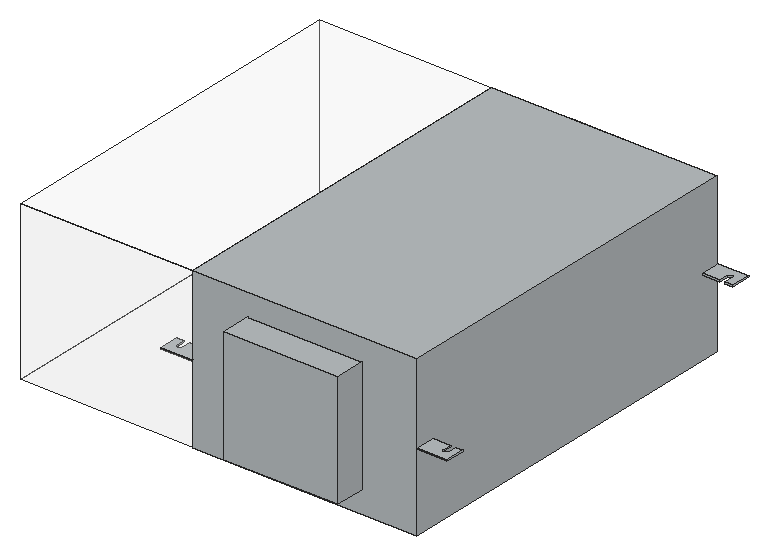
Revit family "bfs-300_1000tua2(-60)_tu2_60Hz", category 機械設備, Revit 2019
Family settings
  丸型コネクタ寸法 = 直径を使用
  パーツ タイプ = 割り込み
  OmniClass 番号 = 23.75.35.17.27
  OmniClass タイトル = Centrifugal Fans
  作業面ベース = いいえ
  常に垂直 = はい
  ロード時にボイドで切り取り = いいえ
  共有 = いいえ
  部屋計算ポイント = はい
Parameters (values of type "BFS-300TUA2-60")
  騒音レベル(dB(A))_吸込 = 50
  騒音レベル(dB(A))_吐出 = 73
  騒音レベル(dB(A))_側面 = 44
  騒音レベル(dB(A)) = 73
  風量 [instance] = 設計風量  # 0.0 m³/h
  電源種別 [instance] = "一般"
  電圧 = 200 V
  電動機出力 = 1500 W
  電動機_種別 [instance] = ""
  運転質量 = 0.00 kg
  連動 [instance] = ""
  質量 = if(製品質量 > 運転質量, 製品質量, 運転質量) * 1.2  # 52.80 kg
  負荷分類 = 3_ファン類
  説明 = "ストレートシロッコファン天吊埋込タイプ（消音形）"
  設計風量 [instance] = 0.0 m³/h
  設置方法 = "天吊"
  記号 [instance] = ""
  製造元 = "三菱電機株式会社"
  製品質量 = 44.00 kg
  製品出荷対象 = "国内"
  製品リリース年月 = "2022年6月1日"
  製品グループ = ""
  系統 [instance] = ""
  符号 [instance] = if(☑給気／□排気, "FS", "FE")  # "FE"
  積算_科目 = "2 換気設備"
  積算_拾い区分 [instance] = ""
  相 = 3
  盤記号 [instance] = ""
  盤工事区分 = "電気工事"
  発停方法 [instance] = "別売スイッチ"
  番手 = "#2"
  特殊仕様 [instance] = ""
  点検口位置 = 80 mm
  火災停止 = ""
  消費電力 = 1270 W
  法定耐用年数 = "15"
  機外静圧 [instance] = 0.0 Pa
  極数 = 3
  極 = 4
  材質 [instance] = ""
  本体マテリアル = 溶融亜鉛めっき鋼板
  操作・制御方式 = ""
  操作・制御スイッチ = ""
  排気量 [instance] = if(☑給気／□排気, 0.0 m³/h, 設計風量)  # 0.0 m³/h
  形式 = ""
  形名 = BFS-TUA : BFS-300TUA
  幹線記号 [instance] = ""
  対象室 [instance] = ""
  実風量 = 0.0 m³/h
  始動方式 [instance] = "直入"
  外気量 [instance] = if(☑給気／□排気, 設計風量, 0.0 m³/h)  # 0.0 m³/h
  呼称 = "消音ボックス付送風機"
  周波数 = 60 Hz
  天吊金具ピッチ幅 = 695 mm
  天吊金具ピッチ奥行 = 924 mm
  参照している仕様書等のバージョン = ""
  分類コード = "50052502100020"
  分類グループ = ""
  価格 = 320000
  企業コード = "108420"
  付属品_防振装置 = ""
  付属品 [instance] = ""
  仕様書バージョン = "Version1.0"
  モデル = "BFS-300TUA2-60"
  ファンの種類 = "多翼形"
  ダクト高 = 300 mm
  ダクト幅 = 300 mm
  サービススペース = yes
  コメント [instance] = ""
  Keynote = ""
  ☑給気／□排気 [instance] = no
  Width = 586 mm
  Version = ""
  Uniclass2015Version = "Systems v1.9"
  Uniclass2015Title = "Centrifugal fans"
  Uniclass2015Code = "Pr_65_67_29_12"
  URL = "https://www.mitsubishielectric.co.jp/ldg/wink/ssl/displayProduct.do?pid=319094"
  SpecificationReference = ""
  SpecificationDescription = ""
  Revision = ""
  ProductInformation = ""
  OmniClassCode = "23-33 31 19 13 15"
  MIN風量 = 0.0 m³/h
  MIN静圧 = 0.0 Pa
  MID風量 = 0.0 m³/h
  MID静圧 = 0.0 Pa
  MAX風量 = 3000.0 m³/h
  MAX静圧 = 460.0 Pa
  M = 79 mm
  IfcTypeProduct = ""
  IfcProduct = ""
  IfcExportType = "CENTRIFUGALFORWARDCURVED"
  IfcExportAs = "IfcFanType"
  Height = 413 mm
  Depth = 977 mm
  Clearance Top = 0 mm  # constant formula
  Clearance Right = 0 mm  # constant formula
  Clearance Left = 450 mm  # constant formula
  Clearance Front = 0 mm  # constant formula
  Clearance Bottom = 0 mm  # constant formula
  Clearance Back = 0 mm  # constant formula
  Author = "三菱電機株式会社"
Types (5, lengths in mm): name | 騒音レベル(dB(A))_吸込 | 騒音レベル(dB(A))_吐出 | 騒音レベル(dB(A))_側面 | 騒音レベル(dB(A)) | 電動機出力 | 質量 | 製品質量 | 番手 | 点検口位置 | 消費電力 | 形名 | 天吊金具ピッチ幅 | 天吊金具ピッチ奥行 | 参照している仕様書等のバージョン | 価格 | モデル | ダクト高 | ダクト幅 | Width | URL | MAX風量 | MAX静圧 | M | Height | Depth
  BFS-300TUA2-60 | 50 | 73 | 44 | 73 | 1500 W | 52.80 kg | 44.00 kg | "#2" | 80 | 1270 W | BFS-TUA : BFS-300TUA | 695 | 924 | "" | 320000 | "BFS-300TUA2-60" | 300 | 300 | 586 | "https://www.mitsubishielectric.co.jp/ldg/wink/ssl/displayProduct.do?pid=319094" | 3000.0 m³/h | 460.0 Pa | 79 | 413 | 977
  BFS-450TUA2 | 53.5 | 73 | 43 | 73 | 2200 W | 93.60 kg | 78.00 kg | "#1 1/2×2" | 282.5 | 1500 W | BFS-TUA : BFS-450TUA | 989 | 962 | "公共建築工事標準仕様書（機械設備工事編）平成31年度版" | 516000 | "BFS-450TUA2" | 250 | 700 | 884 | "https://www.mitsubishielectric.co.jp/ldg/wink/ssl/displayProduct.do?pid=319107" | 4500.0 m³/h | 380.0 Pa | 79 | 373 | 1010
  BFS-550TUA2-60 | 56 | 73 | 48 | 73 | 3000 W | 108.00 kg | 90.00 kg | "#2×2" | 282 | 2390 W | BFS-TUA : BFS-550TUA | 1124 | 1033 | "" | 574000 | "BFS-550TUA2-60" | 300 | 750 | 1020 | "https://www.mitsubishielectric.co.jp/ldg/wink/ssl/displayProduct.do?pid=319117" | 5500.0 m³/h | 420.0 Pa | 79 | 413 | 1078
  BFS-800TU2 | 61.5 | 71 | 46.5 | 71 | 3500 W | 144.00 kg | 120.00 kg | "#2×3" | 281 | 3400 W | BFS-TUA : BFS-800TU | 1061 | 1630 | "" | 1100000 | "BFS-800TU2" | 300 | 800 | 950 | "https://www.mitsubishielectric.co.jp/ldg/wink/ssl/displayProduct.do?pid=318894" | 8000.0 m³/h | 450.0 Pa | 80 | 433 | 1682
  BFS-1000TU2 | 62 | 71.5 | 47 | 71.5 | 4400 W | 180.00 kg | 150.00 kg | "#2×4" | 281 | 4550 W | BFS-TUA : BFS-1000TU | 1181 | 1850 | "" | 1169000 | "BFS-1000TU2" | 300 | 900 | 1070 | "https://www.mitsubishielectric.co.jp/ldg/wink/ssl/displayProduct.do?pid=318843" | 10000.0 m³/h | 455.0 Pa | 80 | 433 | 1902
Reference planes
  plane 1 "中心(正面/背面)": y = 0
  plane 2: z = 0
  plane 3 "中心(左/右)": x = 0
  plane 4 "左": x = -293
  plane 5 "右": x = 293
  plane 6 "背面": y = 488.5
  plane 7 "正面": y = -488.5
  plane 8: z = 206.5
  plane 9: y = 462
  plane 10: y = -462
  plane 11: x = 347.5
  plane 12: x = -347.5
  plane 13: z = -206.5
  plane 14: z = 206.5
  plane 15: z = -206.5
  plane 16: y = 488.5
  plane 17: y = -488.5
  plane 18: x = 293
  plane 19: x = -743
  plane 20: x = -373
Lines and regions (mm)
  Masking region 1, detail levels coarse+medium
    outline origin (-160.121, -1548.895, 0) x (1, 0, 0) y (0, 1, 0)
      loop
        line (-132.879, 1060.395) -> (453.121, 1060.395) -> (453.121, 2037.395) -> (-132.879, 2037.395) -> (-132.879, 1060.395)
  symbolic lines, detail levels coarse+medium
    curve 1: line (-293, 488.5, 0) -> (293, 0, 0)
    curve 2: line (293, 0, 0) -> (-293, -488.5, 0)
Dimensions and locks
  "Width": plane 4 "左" to plane 5 "右"
  equal spacing: plane 7 "正面", plane 1 "中心(正面/背面)", plane 6 "背面"
  "Depth": plane 7 "正面" to plane 6 "背面"
  equal spacing: plane 8, level, plane 13
  "Height": plane 8 to plane 13
  "天吊金具ピッチ幅": plane 12 to plane 11
  equal spacing: plane 10, plane 1 "中心(正面/背面)", plane 9
  "天吊金具ピッチ奥行": plane 10 to plane 9
  "Clearance Top": plane 14 to plane 8
  "Clearance Bottom": plane 13 to plane 15
  "Clearance Right": plane 5 "右" to plane 18
  "Clearance Left": plane 19 to plane 4 "左"
  "Clearance Back": plane 6 "背面" to plane 16
  "Clearance Front": plane 17 to plane 7 "正面"
  equal spacing: plane 12, plane 3 "中心(左/右)", plane 11
  equal spacing: plane 4 "左", plane 3 "中心(左/右)", plane 5 "右"
  "点検口位置": plane 20 to plane 4 "左"
  aligned and locked: level to plane 2
  aligned and locked: nested 2 to plane 9
  aligned and locked: plane 10 to nested 2
  aligned and locked: plane 12 to nested 2
  aligned and locked: plane 11 to nested 2
  aligned and locked: plane 8 to nested 1
  aligned and locked: nested 1 to plane 13
  aligned and locked: plane 19 to nested 3
  aligned and locked: plane 17 to nested 3
  aligned and locked: plane 14 to nested 3
  aligned and locked: plane 15 to nested 3
  aligned and locked: plane 16 to nested 3
  aligned and locked: plane 4 "左" to nested 3
  aligned and locked: plane 1 "中心(正面/背面)" to nested 1
  aligned and locked: nested 1 to plane 3 "中心(左/右)"
  aligned and locked: plane 5 "右" to Masking region 1
  aligned and locked: Masking region 1 to plane 4 "左"
  aligned and locked: Masking region 1 to plane 6 "背面"
  aligned and locked: plane 7 "正面" to Masking region 1
Automatic sketch dimensions
  plane 4 "左" to Masking region 1 sketch curve = 0 mm
  Masking region 1 sketch curve to plane 5 "右" = 0 mm
  plane 7 "正面" to Masking region 1 sketch curve = 0 mm
  Masking region 1 sketch curve to plane 7 "正面" = 977 mm
  curve 2 to plane 4 "左" = 0 mm
  curve 1 to plane 4 "左" = 0 mm
  plane 1 "中心(正面/背面)" to curve 2 = 0 mm
  curve 2 to plane 5 "右" = 0 mm
  plane 7 "正面" to curve 2 = 0 mm
  plane 6 "背面" to curve 1 = 0 mm
Nested families
  nested 1: "BFS-TUA" at (0, 0, -206.5) x (0, -1, 0) z (0, 0, 1), type <- "形名", type "BFS-300TUA"
  nested 2: "固定点" at (-347.5, -462, 0), type "固定点"
    with 中心円 13.5 mm, W 695 mm, D 924 mm
  nested 3: "サービススペース" at (-518, 0, 0), visible <- "サービススペース", type "サービススペース"
    with Width 450 mm, Height 413 mm, Depth 977 mm
Connectors
  hvac at (0, -567.5, 0), driven by "ダクト高", driven by "ダクト幅", driven by "機外静圧", driven by "風量"
    settings: on nested 1, index 2, duct flow 0.0 m³/h, flow factor 0, pres drop 0.0 Pa, loss coef 0, conn angle 0.00°, conn width 300 mm, conn height 300 mm, conn diameter 609.6 mm, duct sys type 29, conn prof type 1, flow config 0, flow direction 2, loss method 4, conn ref index -1, conn util no, is conn primary yes, conn desc "Out"
  hvac at (0, 567.5, 0), driven by "ダクト高", driven by "ダクト幅", driven by "機外静圧", driven by "風量"
    settings: on nested 1, index 3, duct flow 0.0 m³/h, flow factor 0, pres drop 0.0 Pa, loss coef 0, conn angle 0.00°, conn width 300 mm, conn height 300 mm, conn diameter 609.6 mm, duct sys type 29, conn prof type 1, flow config 0, flow direction 1, loss method 4, conn ref index -1, conn util no, is conn primary no, conn desc "In"
  electrical at (-322.5, -360.5, -64), driven by "極数", driven by "負荷分類", driven by "電圧", driven by "消費電力"
    settings: on nested 1, index 4, voltage 200 V, apparent load 1270 VA, apparent load phase1 0 VA, apparent load phase2 0 VA, apparent load phase3 0 VA, power factor 1, load classification "3_ファン類", number of poles 3, system type 30, power factor state 1, is connector primary yes, connector utility no, sub classification motor no, connector description ""
Definition of nested family "BFS-TUA"
  Parameters (values of type "BFS-300TUA1-50")
    端子カバー高 = 99 mm
    端子カバー手前位置 = 62.5 mm
    端子カバー幅 = 29.5 mm
    端子カバー奥行 = 131 mm
    端子カバー上位置 = 221 mm
    吊りボルト-φ = 13.5 mm
    吊りボルト-W2 = 52 mm
    吊りボルト-W1 = 924 mm
    吊りボルト-D2 = 746 mm
    吊りボルト-D1 = 695 mm
    吊りボルト-2 = no
    吊りボルト-1 = yes
    マテリアル = none
    ダクト-D = 298 mm
    ダクト-W = 298 mm
    b = 430 mm
    a = 79 mm
    W = 977 mm
    H = 413 mm
    D = 586 mm
  Types (7, lengths in mm): name | 端子カバー高 | 端子カバー手前位置 | 端子カバー幅 | 端子カバー奥行 | 端子カバー上位置 | 吊りボルト-φ | 吊りボルト-W2 | 吊りボルト-W1 | 吊りボルト-D2 | 吊りボルト-D1 | 吊りボルト-2 | 吊りボルト-1 | ダクト-D | ダクト-W | b | a | W | H | D
    BFS-300TUA1-50 | 99 | 62.5 | 29.5 | 131 | 221 | 13.5 | 52 | 924 | 746 | 695 | no | yes | 298 | 298 | 430 | 79 | 977 | 413 | 586
    BFS-300TUA1-60 | 99 | 62.5 | 29.5 | 131 | 221 | 13.5 | 52 | 924 | 746 | 695 | no | yes | 298 | 298 | 430 | 79 | 977 | 413 | 586
    BFS-450TUA | 99 | 36.5 | 29.5 | 131 | 200.7 | 14 | 50 | 962 | 1049 | 989 | yes | no | 248 | 698 | 561 | 79 | 1010 | 373 | 884
    BFS-550TUA1-50 | 99 | 36.5 | 29.5 | 131 | 224.5 | 14 | 50 | 1033 | 1184 | 1124 | yes | no | 298 | 748 | 608 | 79 | 1078 | 413 | 1020
    BFS-550TUA1-60 | 99 | 36.5 | 29.5 | 131 | 224.5 | 14 | 50 | 1033 | 1184 | 1124 | yes | no | 298 | 748 | 608 | 79 | 1078 | 413 | 1020
    BFS-800TU | 150 | 298 | 36 | 360 | 63 | 13.5 | 52 | 1630 | 1112 | 1061 | no | yes | 298 | 798 | 608 | 80 | 1682 | 433 | 950
    BFS-1000TU | 150 | 622 | 36 | 360 | 63 | 13.5 | 52 | 1850 | 1232 | 1181 | no | yes | 298 | 898 | 608 | 80 | 1902 | 433 | 1070
  Reference planes
    plane 1 "中心(正面/背面)": y = 0
    plane 2: z = 0
    plane 3 "中心(左/右)": x = 0
    plane 4: y = 293
    plane 5: y = 347.5
    plane 6: y = 373
    plane 7: y = -293
    plane 8: y = -347.5
    plane 9: y = -373
    plane 10: x = -488.5
    plane 11: x = -462
    plane 12: x = -491.5
    plane 13: x = 488.5
    plane 14: x = 462
    plane 15: x = 491.5
    plane 16: z = 413
    plane 17: x = -4
    plane 18: x = 426
    plane 19: x = 567.5
    plane 20: x = -567.5
    plane 21: z = 206.5
    plane 22: z = 203.5
    plane 23: z = 165.5
    plane 24: x = -439.5
    plane 25: z = 188.5
    plane 26: x = 439.5
    plane 27: y = 296
    plane 28: x = 557.5
    plane 29: x = 498.5
    plane 30: x = -498.5
    plane 31: x = -557.5
    plane 32: x = 295
    plane 33: z = 192
    plane 34: z = 93
    plane 35: y = -322.5
    plane 36: y = 149
    plane 37: y = -149
    plane 38: z = 57.5
    plane 39: z = 355.5
    plane 40: z = -20
  Forms (mm)
    Extrusion 1, solid, material <- "マテリアル", detail levels fine
      sketch origin (0, 0, 0) x (1, 0, 0) y (0, 1, 0)
        loop
          line (-488.5, 293) -> (-488.5, -293) -> (488.5, -293) -> (488.5, 293) -> (-488.5, 293)
      from 0 to 413
    Extrusion 2, solid, material <- "マテリアル", visible <- "吊りボルト-1", detail levels fine
      sketch origin (0, 0, 0) x (1, 0, 0) y (0, 1, 0)
        loop
          line (-491.5, -293) -> (-491.5, -373) -> (-439.5, -373) -> (-439.5, -354.25) -> (-462, -354.25)
          arc (-462, -354.25) -> (-468.75, -347.5) -> (-462, -340.75) r 6.75
          line (-462, -340.75) -> (-439.5, -340.75) -> (-439.5, -293) -> (-491.5, -293)
      from 203.5 to 206.5
    Extrusion 3, solid, material <- "マテリアル", visible <- "吊りボルト-1", detail levels fine
      sketch origin (0, 0, 0) x (1, 0, 0) y (0, 1, 0)
        loop
          line (-491.5, 293) -> (-439.5, 293) -> (-439.5, 340.75) -> (-462, 340.75)
          arc (-462, 340.75) -> (-468.75, 347.5) -> (-462, 354.25) r 6.75
          line (-462, 354.25) -> (-439.5, 354.25) -> (-439.5, 373) -> (-491.5, 373) -> (-491.5, 293)
      from 203.5 to 206.5
    Extrusion 4, solid, material <- "マテリアル", visible <- "吊りボルト-1", detail levels fine
      sketch origin (0, 0, 0) x (-1, 0, 0) y (0, -1, 0)
        loop
          line (-491.5, -293) -> (-491.5, -373) -> (-439.5, -373) -> (-439.5, -354.25) -> (-462, -354.25)
          arc (-462, -354.25) -> (-468.75, -347.5) -> (-462, -340.75) r 6.75
          line (-462, -340.75) -> (-439.5, -340.75) -> (-439.5, -293) -> (-491.5, -293)
      from 203.5 to 206.5
    Extrusion 5, solid, material <- "マテリアル", visible <- "吊りボルト-1", detail levels fine
      sketch origin (0, 0, 0) x (-1, 0, 0) y (0, -1, 0)
        loop
          line (-491.5, 293) -> (-439.5, 293) -> (-439.5, 340.75) -> (-462, 340.75)
          arc (-462, 340.75) -> (-468.75, 347.5) -> (-462, 354.25) r 6.75
          line (-462, 354.25) -> (-439.5, 354.25) -> (-439.5, 373) -> (-491.5, 373) -> (-491.5, 293)
      from 203.5 to 206.5
    Extrusion 6, solid, material <- "マテリアル", detail levels fine
      sketch origin (0, 0, 0) x (1, 0, 0) y (0, 0, 1)
        loop
          line (426, 192) -> (295, 192) -> (295, 93) -> (426, 93) -> (426, 192)
      from 293 to 322.5
    Extrusion 7, solid, material <- "マテリアル", detail levels fine
      sketch origin (0, 0, 0) x (1, 0, 0) y (0, 1, 0)
        loop
          line (-567.5, 149) -> (-567.5, -149) -> (-488.5, -149) -> (-488.5, 149) -> (-567.5, 149)
        loop
          line (567.5, 149) -> (488.5, 149) -> (488.5, -149) -> (567.5, -149) -> (567.5, 149)
      from 57.5 to 355.5
    Extrusion 8, solid, material <- "マテリアル", visible <- "吊りボルト-2", detail levels fine
      sketch origin (0, 0, 0) x (1, 0, 0) y (0, 1, 0)
        loop
          line (-439.5, 373) -> (-491.5, 373) -> (-491.5, 354.25) -> (-462, 354.25)
          arc (-462, 354.25) -> (-455.25, 347.5) -> (-462, 340.75) r 6.75
          line (-462, 340.75) -> (-491.5, 340.75) -> (-491.5, -340.75) -> (-462, -340.75)
          arc (-462, -340.75) -> (-455.25, -347.5) -> (-462, -354.25) r 6.75
          line (-462, -354.25) -> (-491.5, -354.25) -> (-491.5, -373) -> (-439.5, -373) -> (-439.5, 373)
        loop
          line (439.5, 373) -> (439.5, -373) -> (491.5, -373) -> (491.5, -354.25) -> (462, -354.25)
          arc (462, -354.25) -> (455.25, -347.5) -> (462, -340.75) r 6.75
          line (462, -340.75) -> (491.5, -340.75) -> (491.5, 340.75) -> (462, 340.75)
          arc (462, 340.75) -> (455.25, 347.5) -> (462, 354.25) r 6.75
          line (462, 354.25) -> (491.5, 354.25) -> (491.5, 373) -> (439.5, 373)
      from -20 to 0
  Dimensions and locks
    plane 12 to plane 15 = 983 mm
    "吊りボルト-W1": plane 11 to plane 14
    "W": plane 10 to plane 13
    "吊りボルト-D2": plane 9 to plane 6
    "吊りボルト-D1": plane 8 to plane 5
    "D": plane 7 to plane 4
    equal spacing: plane 7, plane 1 "中心(正面/背面)", plane 4
    equal spacing: plane 10, plane 3 "中心(左/右)", plane 13
    "H": plane 16 to level
    locked: plane 13 to plane 15 at 3
    locked: plane 12 to plane 10 at 3
    equal spacing: plane 16, plane 21, level
    locked: plane 21 to plane 22 at 3
    locked: plane 21 to plane 23 at 41
    "吊りボルト-W2": plane 12 to plane 24
    locked: plane 22 to plane 25 at 15
    "吊りボルト-W2": plane 26 to plane 15
    locked: plane 27 to plane 4 at 3
    "a": plane 20 to plane 10
    "a": plane 13 to plane 19
    locked: plane 20 to plane 31 at 10
    locked: plane 30 to plane 10 at 10
    locked: plane 13 to plane 29 at 10
    locked: plane 28 to plane 19 at 10
    "端子カバー手前位置": plane 13 to plane 18
    "b": plane 18 to plane 17
    "端子カバー奥行": plane 18 to plane 32
    "端子カバー高": plane 33 to plane 34
    "端子カバー幅": plane 35 to plane 7
    equal spacing: plane 11, plane 3 "中心(左/右)", plane 14
    equal spacing: plane 8, plane 1 "中心(正面/背面)", plane 5
    equal spacing: plane 9, plane 1 "中心(正面/背面)", plane 6
    equal spacing: plane 37, plane 1 "中心(正面/背面)", plane 36
    "ダクト-W": plane 37 to plane 36
    "ダクト-D": plane 39 to plane 38
    equal spacing: plane 39, plane 21, plane 38
    locked: level to plane 40 at 20
    "端子カバー上位置": plane 16 to plane 33
    "吊りボルト-φ": diameter of Extrusion 3 sketch curve
    "吊りボルト-φ": diameter of Extrusion 4 sketch curve
    "吊りボルト-φ": diameter of Extrusion 2 sketch curve
    "吊りボルト-φ": diameter of Extrusion 5 sketch curve
    "吊りボルト-φ": diameter of Extrusion 8 sketch curve  (x4)
    aligned and locked: level to plane 2
    aligned and locked: plane 4 to Extrusion 1 sketch curve
    aligned and locked: plane 10 to Extrusion 1 sketch curve
    aligned and locked: Extrusion 1 sketch curve to plane 7
    aligned and locked: Extrusion 1 sketch curve to plane 13
    aligned and locked: plane 16 to Extrusion 1
    aligned and locked: plane 7 to Extrusion 2 sketch curve
    aligned and locked: plane 12 to Extrusion 2 sketch curve
    aligned and locked: Extrusion 2 sketch curve to plane 9
    aligned and locked: Extrusion 2 sketch curve to plane 24  (x2)
    aligned and locked: plane 11 to Extrusion 2 sketch curve
    aligned and locked: plane 8 to Extrusion 2 sketch curve
    aligned and locked: plane 21 to Extrusion 2
    aligned and locked: Extrusion 2 to plane 22
    aligned and locked: plane 24 to Extrusion 3 sketch curve  (x2)
    aligned and locked: plane 5 to Extrusion 3 sketch curve
    aligned and locked: plane 11 to Extrusion 3 sketch curve
    aligned and locked: Extrusion 3 sketch curve to plane 6
    aligned and locked: Extrusion 3 sketch curve to plane 12
    aligned and locked: plane 4 to Extrusion 3 sketch curve
    aligned and locked: plane 21 to Extrusion 3
    aligned and locked: Extrusion 3 to plane 22
    aligned and locked: Extrusion 4 to plane 6
    aligned and locked: plane 15 to Extrusion 4
    aligned and locked: Extrusion 4 to plane 26
    aligned and locked: plane 26 to Extrusion 4 sketch curve  (x2)
    aligned and locked: plane 6 to Extrusion 4 sketch curve
    aligned and locked: Extrusion 4 sketch curve to plane 15
    aligned and locked: plane 5 to Extrusion 4 sketch curve
    aligned and locked: plane 14 to Extrusion 4 sketch curve
    aligned and locked: Extrusion 4 sketch curve to plane 4
    aligned and locked: Extrusion 4 to plane 22
    aligned and locked: plane 21 to Extrusion 4
    aligned and locked: plane 9 to Extrusion 5 sketch curve
    aligned and locked: plane 15 to Extrusion 5 sketch curve
    aligned and locked: Extrusion 5 sketch curve to plane 7
    aligned and locked: Extrusion 5 sketch curve to plane 26  (x2)
    aligned and locked: plane 14 to Extrusion 5 sketch curve
    aligned and locked: plane 8 to Extrusion 5 sketch curve
    aligned and locked: Extrusion 5 to plane 22
    aligned and locked: plane 21 to Extrusion 5
    aligned and locked: plane 33 to Extrusion 6 sketch curve
    aligned and locked: plane 18 to Extrusion 6 sketch curve
    aligned and locked: Extrusion 6 sketch curve to plane 34
    aligned and locked: Extrusion 6 sketch curve to plane 32
    aligned and locked: Extrusion 6 to plane 7
    aligned and locked: plane 36 to Extrusion 7 sketch curve
    aligned and locked: plane 20 to Extrusion 7 sketch curve
    aligned and locked: Extrusion 7 sketch curve to plane 37
    aligned and locked: Extrusion 7 sketch curve to plane 10
    aligned and locked: Extrusion 7 sketch curve to plane 36
    aligned and locked: plane 19 to Extrusion 7 sketch curve
    aligned and locked: plane 37 to Extrusion 7 sketch curve
    aligned and locked: Extrusion 7 sketch curve to plane 13
    aligned and locked: plane 39 to Extrusion 7
    aligned and locked: Extrusion 7 to plane 38
    aligned and locked: Extrusion 8 sketch curve to plane 24
    aligned and locked: Extrusion 8 sketch curve to plane 12  (x3)
    aligned and locked: Extrusion 8 sketch curve to plane 6
    aligned and locked: Extrusion 8 sketch curve to plane 9
    aligned and locked: plane 11 to Extrusion 8 sketch curve  (x2)
    aligned and locked: Extrusion 8 sketch curve to Extrusion 3
    aligned and locked: Extrusion 8 sketch curve to Extrusion 2
    aligned and locked: plane 6 to Extrusion 8 sketch curve
    aligned and locked: Extrusion 8 sketch curve to plane 15  (x3)
    aligned and locked: Extrusion 8 sketch curve to plane 26
    aligned and locked: plane 5 to Extrusion 8 sketch curve
    aligned and locked: plane 14 to Extrusion 8 sketch curve  (x2)
    aligned and locked: plane 9 to Extrusion 8 sketch curve
    aligned and locked: plane 8 to Extrusion 8 sketch curve
    aligned and locked: Extrusion 8 to plane 40
    aligned and locked: level to Extrusion 8
    aligned and locked: plane 35 to Extrusion 6
  Automatic sketch dimensions
    Extrusion 2 sketch curve to plane 11 = 0 mm
    Extrusion 3 sketch curve to plane 11 = 0 mm
    Extrusion 4 sketch curve to plane 14 = 0 mm
    Extrusion 5 sketch curve to plane 14 = 0 mm
    Extrusion 8 sketch curve to plane 11 = 0 mm
Definition of nested family "サービススペース"
  Parameters (values of type "サービススペース")
    Width [instance] = 500 mm
    Height [instance] = 500 mm
    Depth [instance] = 500 mm
  Reference planes
    plane 1 "中心(正面/背面)": y = 0
    plane 2: z = 0
    plane 3 "中心(左/右)": x = 0
    plane 4: y = -250
    plane 5: x = 250
    plane 6: y = 250
    plane 7: x = -250
    plane 8: z = 250
    plane 9: z = -250
  Forms (mm)
    Extrusion 1, solid
      sketch origin (-638.939, 0, 72.39) x (1, 0, 0) y (0, 1, 0)
        loop
          line (388.939, 250) -> (388.939, -250) -> (888.939, -250) -> (888.939, 250) -> (388.939, 250)
      from -322.39 to 177.61
  Lines and regions (mm)
    symbolic lines
      curve 1: line (-250, 0, 250) -> (250, 0, 250)
      curve 2: line (-250, 0, -250) -> (-250, 0, 250)
      curve 3: line (250, 0, -250) -> (-250, 0, -250)
      curve 4: line (250, 0, 250) -> (250, 0, -250)
      curve 5: line (0, -250, 250) -> (0, 250, 250)
      curve 6: line (0, -250, -250) -> (0, -250, 250)
      curve 7: line (0, 250, -250) -> (0, -250, -250)
      curve 8: line (0, 250, 250) -> (0, 250, -250)
      curve 9: line (-250, 250, 0) -> (250, 250, 0)
      curve 10: line (-250, -250, 0) -> (-250, 250, 0)
      curve 11: line (250, -250, 0) -> (-250, -250, 0)
      curve 12: line (250, 250, 0) -> (250, -250, 0)
  Dimensions and locks
    equal spacing: plane 7, plane 3 "中心(左/右)", plane 5
    equal spacing: plane 4, plane 1 "中心(正面/背面)", plane 6
    "Depth": plane 4 to plane 6
    "Width": plane 7 to plane 5
    equal spacing: plane 8, plane 2, plane 9
    "Height": plane 8 to plane 9
    aligned and locked: plane 9 to curve 3
    aligned and locked: plane 7 to curve 2
    aligned and locked: curve 4 to plane 5
    aligned and locked: plane 5 to Extrusion 1
    aligned and locked: Extrusion 1 to plane 7
    aligned and locked: Extrusion 1 to plane 9
    aligned and locked: plane 8 to Extrusion 1
    aligned and locked: plane 9 to curve 7
  Automatic sketch dimensions
    plane 4 to Extrusion 1 sketch curve = 0 mm
    Extrusion 1 sketch curve to plane 7 = 0 mm
    Extrusion 1 sketch curve to plane 5 = 0 mm
    plane 6 to Extrusion 1 sketch curve = 0 mm
    curve 2 to plane 8 = 0 mm
    plane 4 to curve 11 = 0 mm
    curve 11 to plane 7 = 0 mm
    curve 11 to plane 5 = 0 mm
    plane 6 to curve 10 = 0 mm
    curve 7 to plane 4 = 0 mm
    curve 7 to plane 6 = 0 mm
    curve 6 to plane 8 = 0 mm
Definition of nested family "固定点"
  Parameters (values of type "固定点")
    中心円 [instance] = if(and(960 mm < W, W < 1034 mm), 14 mm, 13.5 mm)  # 14 mm
    W [instance] = 1000 mm
    D [instance] = 1000 mm
  Reference planes
    plane 1 "中心(正面/背面)": y = 0
    plane 2: z = 0
    plane 3 "中心(左/右)": x = 0
    plane 4: x = 1000
    plane 5: y = 1000
  Lines and regions (mm)
    symbolic lines, detail levels fine
      curve 1: circle (0, 1000, 0) r 7 normal (0, 0, 1)
      curve 2: circle (0, 0, 0) r 7 normal (0, 0, 1)
      curve 3: circle (1000, 1000, 0) r 7 normal (0, 0, 1)
      curve 4: circle (1000, 0, 0) r 7 normal (0, 0, 1)
      curve 5: line (-200, 1000, 0) -> (1200, 1000, 0)
      curve 6: line (-200, 0, 0) -> (1200, 0, 0)
      curve 7: line (0, 1200, 0) -> (0, -200, 0)
      curve 8: line (1000, 1200, 0) -> (1000, -200, 0)
  Dimensions and locks
    "W": plane 3 "中心(左/右)" to plane 4
    "D": plane 1 "中心(正面/背面)" to plane 5
    "中心円": diameter of curve 1
    "中心円": diameter of curve 2
    "中心円": diameter of curve 3
    "中心円": diameter of curve 4
    aligned and locked: level to plane 2
    aligned and locked: plane 5 to curve 1
    aligned and locked: plane 3 "中心(左/右)" to curve 1
    aligned and locked: plane 3 "中心(左/右)" to curve 2
    aligned and locked: plane 1 "中心(正面/背面)" to curve 2
    aligned and locked: plane 4 to curve 3
    aligned and locked: plane 5 to curve 3
    aligned and locked: plane 1 "中心(正面/背面)" to curve 4
    aligned and locked: plane 4 to curve 4
    aligned and locked: plane 1 "中心(正面/背面)" to curve 6
    aligned and locked: curve 7 to plane 3 "中心(左/右)"
    aligned and locked: curve 8 to plane 4
  Automatic sketch dimensions
    curve 5 to plane 5 = 0 mm
    curve 6 to plane 3 "中心(左/右)" = 200 mm
    curve 5 to plane 3 "中心(左/右)" = 200 mm
    curve 4 to curve 6 = 200 mm
    curve 3 to curve 5 = 200 mm
    plane 1 "中心(正面/背面)" to curve 8 = 200 mm
    plane 1 "中心(正面/背面)" to curve 7 = 200 mm
    curve 3 to curve 8 = 200 mm
    curve 1 to curve 7 = 200 mm
